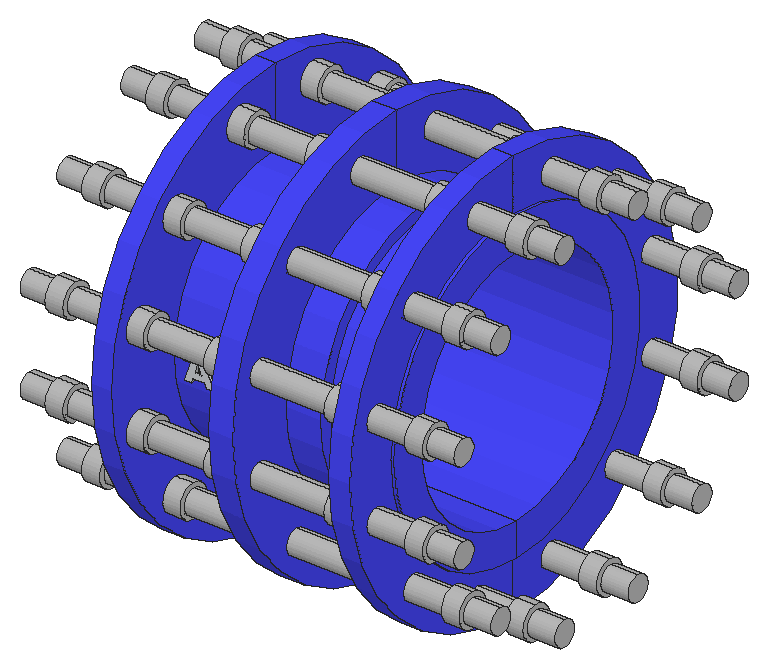
Revit family "265-91-001 DN200_PN16", category Pipe Accessories, Revit 2022
Family settings
  Round Connector Dimension = Use Diameter
  Part Type = Valve - Breaks Into
  Work Plane-Based = No
  Always vertical = Yes
  Cut with Voids When Loaded = No
  Shared = No
Parameters (values of type "DN200_PN16")
  raised_R = D * 0.75  # 127.5 mm
  offset = S11 - S  # 7 mm
  URL_product_pages = "https://www.avkvalves.com/P.aspx?no=265900401014036400"
  T1 = FL_T * 0.75  # 15 mm
  T = FL_T * 0.3  # 6 mm
  Search_table = "265-91-001 DN200_PN16"
  S11 = S * 1.35  # 27 mm
  S = size_lookup(Search_table, "S", 0 mm, DN)  # 20 mm
  Raised_dis = size_lookup(Search_table, "Raised_dis", 0 mm, DN)  # 3 mm
  PN = size_lookup(Search_table, "PN", 0 mm, DN)  # 16 mm
  PCD = size_lookup(Search_table, "PCD", 0 mm, DN) / 2  # 147.5 mm
  Nut_T = FL_T * 0.75  # 15 mm
  L3 = FL_T / 2  # 10 mm
  L2 = L * 0.065  # 23.4 mm
  L11 = size_lookup(Search_table, "L11", 0 mm, DN)  # 220 mm
  L1 = L11 * 0.68  # 149.6 mm
  FL_T/2 = FL_T / 2  # 10 mm
  L = size_lookup(Search_table, "L", 0 mm, DN)  # 360 mm
  FL_T = size_lookup(Search_table, "FL_T", 0 mm, DN)  # 20 mm
  Description_ = "AVK DISMANTLING JOINT WITH CENTRE FLANGE, PN10/16"
  Default Elevation = 0 mm
  DN200_PN16 = "265-9-0200-10-14036400"
  DN = 200 mm
  D = size_lookup(Search_table, "D", 0 mm, DN) / 2  # 170 mm
  Bore = DN / 2  # 100 mm
  Bolt.no = size_lookup(Search_table, "Bolt.no", 0 mm, DN)  # 12 mm
  B1 = L * 0.08  # 28.8 mm
  25 = 25 mm  # constant formula
Reference planes
  plane 1 "Center (Front/Back)": y = 0
  plane 2: z = 0
  plane 3 "Center (Left/Right)": x = 0
  plane 4: z = 170
  plane 5: z = -170
  plane 6: x = -110
  plane 7: x = 110
  plane 8: x = -110
  plane 9: x = 110
  plane 10: z = 100
  plane 11: y = 147.5
  plane 12: y = -147.5
  plane 13: z = 147.5
  plane 14: z = -147.5
  plane 15: x = -180
  plane 16: x = 180
  plane 17: x = 90
  plane 18: x = -156.6
  plane 19: x = 156.6
  plane 20: x = -90
  plane 21: x = -10
  plane 22: x = -141.6
  plane 23: x = -75
  plane 24: x = -25
  plane 25: x = 75
  plane 26: x = 141.6
  plane 27: through (0, 0, 0) normal (0, 0.9659, -0.2588)
  plane 28: through (0, 0, 0) normal (0, 0.9659, 0.2588)
  plane 29: through (0, 0, 0) normal (0, 0.2588, 0.9659)
  plane 30: through (0, 0, 0) normal (0, -0.2588, 0.9659)
  plane 31: through (0, 0, 0) normal (0, 0.7071, 0.7071)
  plane 32: through (0, 0, 0) normal (0, 0.7071, -0.7071)
Forms (mm)
  Revolve 1, solid, material "Laminate, Blue, Matte"
    sketch origin (0, 0, 0) x (1, 0, 0) y (0, 0, 1)
      loop
        line (-110, 127.5) -> (-110, 100) -> (110, 100) -> (110, 127.5) -> (107, 127.5) -> (107, 170) -> (90, 170) -> (90, 106) -> (-90, 106) -> (-90, 170) -> (-107, 170) -> (-107, 127.5) -> (-110, 127.5)
      axis (-110, 0) -> (110, 0)
    angle from 0 to 360
  Revolve 2, solid, material "Laminate, Blue, Matte"
    sketch origin (0, 0, 0) x (1, 0, 0) y (0, 0, 1)
      loop
        line (-10, 170) -> (-10, 106) -> (39.6, 106) -> (39.6, 115) -> (10, 115) -> (10, 170) -> (-10, 170)
      axis (-10, 0) -> (39.6, 0)
    angle from 0 to 360
  Extrusion 3, solid, material "Default Wall"
    sketch origin (-19, -1524, 234.624) x (0, 0, 1) y (0, -1, 0)
      loop
        circle (-130.326, -1419.702) r 13.5
      loop
        circle (-92.15, -1485.824) r 13.5
      loop
        circle (-92.15, -1562.176) r 13.5
      loop
        circle (-130.326, -1628.298) r 13.5
      loop
        circle (-196.448, -1666.474) r 13.5
      loop
        circle (-272.8, -1666.474) r 13.5
      loop
        circle (-338.922, -1628.298) r 13.5
      loop
        circle (-377.098, -1562.176) r 13.5
      loop
        circle (-377.098, -1485.824) r 13.5
      loop
        circle (-338.922, -1419.702) r 13.5
      loop
        circle (-272.8, -1381.526) r 13.5
      loop
        circle (-196.448, -1381.526) r 13.5
    from -71 to -56
  Extrusion 4, solid, material "Default Wall"
    sketch origin (-19, -1524, 234.624) x (0, 0, 1) y (0, -1, 0)
      loop
        circle (-130.326, -1419.702) r 13.5
      loop
        circle (-92.15, -1485.824) r 13.5
      loop
        circle (-92.15, -1562.176) r 13.5
      loop
        circle (-130.326, -1628.298) r 13.5
      loop
        circle (-196.448, -1381.526) r 13.5
      loop
        circle (-272.8, -1381.526) r 13.5
      loop
        circle (-272.8, -1666.474) r 13.5
      loop
        circle (-196.448, -1666.474) r 13.5
      loop
        circle (-338.922, -1419.702) r 13.5
      loop
        circle (-377.098, -1485.824) r 13.5
      loop
        circle (-377.098, -1562.176) r 13.5
      loop
        circle (-338.922, -1628.298) r 13.5
    from -6 to 9
  Extrusion 5, solid, material "Default Wall"
    sketch origin (-19, -1524, 234.624) x (0, 0, 1) y (0, -1, 0)
      loop
        circle (-130.326, -1419.702) r 13.5
      loop
        circle (-92.15, -1485.824) r 13.5
      loop
        circle (-92.15, -1562.176) r 13.5
      loop
        circle (-130.326, -1628.298) r 13.5
      loop
        circle (-196.448, -1666.474) r 13.5
      loop
        circle (-272.8, -1666.474) r 13.5
      loop
        circle (-338.922, -1628.298) r 13.5
      loop
        circle (-377.098, -1562.176) r 13.5
      loop
        circle (-377.098, -1485.824) r 13.5
      loop
        circle (-338.922, -1419.702) r 13.5
      loop
        circle (-272.8, -1381.526) r 13.5
      loop
        circle (-196.448, -1381.526) r 13.5
    from 94 to 109
  Extrusion 6, solid, material "Default Wall"
    sketch origin (-19, -1524, 234.624) x (0, 0, 1) y (0, -1, 0)
      loop
        circle (-130.326, -1628.298) r 13.5
      loop
        circle (-92.15, -1562.176) r 13.5
      loop
        circle (-92.15, -1485.824) r 13.5
      loop
        circle (-130.326, -1419.702) r 13.5
      loop
        circle (-196.448, -1381.526) r 13.5
      loop
        circle (-196.448, -1666.474) r 13.5
      loop
        circle (-338.922, -1628.298) r 13.5
      loop
        circle (-377.098, -1562.176) r 13.5
      loop
        circle (-377.098, -1485.824) r 13.5
      loop
        circle (-338.922, -1419.702) r 13.5
      loop
        circle (-272.8, -1381.526) r 13.5
      loop
        circle (-272.8, -1666.474) r 13.5
    from 160.6 to 175.6
  Extrusion 7, solid, material "Default Wall"
    sketch origin (-19, -1524, 234.624) x (0, 0, 1) y (0, -1, 0)
      loop
        circle (-130.326, -1628.298) r 10
      loop
        circle (-92.15, -1562.176) r 10
      loop
        circle (-196.448, -1666.474) r 10
      loop
        circle (-130.326, -1419.702) r 10
      loop
        circle (-92.15, -1485.824) r 10
      loop
        circle (-196.448, -1381.526) r 10
      loop
        circle (-338.922, -1628.298) r 10
      loop
        circle (-377.098, -1562.176) r 10
      loop
        circle (-272.8, -1666.474) r 10
      loop
        circle (-338.922, -1419.702) r 10
      loop
        circle (-377.098, -1485.824) r 10
      loop
        circle (-272.8, -1381.526) r 10
    from -161 to 199
  Extrusion 8, solid, material "Default Wall"
    sketch origin (0, 0, 0) x (0, 1, 0) y (0, 0, 1)
      loop
        circle (-104.298, 104.298) r 13.5
      loop
        circle (-38.176, 142.474) r 13.5
      loop
        circle (38.176, 142.474) r 13.5
      loop
        circle (104.298, 104.298) r 13.5
      loop
        circle (142.474, 38.176) r 13.5
      loop
        circle (142.474, -38.176) r 13.5
      loop
        circle (104.298, -104.298) r 13.5
      loop
        circle (38.176, -142.474) r 13.5
      loop
        circle (-38.176, -142.474) r 13.5
      loop
        circle (-104.298, -104.298) r 13.5
      loop
        circle (-142.474, -38.176) r 13.5
      loop
        circle (-142.474, 38.176) r 13.5
    from -156.6 to -141.6
Dimensions and locks
  equal spacing: plane 4, level, plane 5
  "D": plane 4 to level
  equal spacing: plane 7, plane 3 "Center (Left/Right)", plane 6
  "L11": plane 7 to plane 6
  equal spacing: plane 9, plane 3 "Center (Left/Right)", plane 8
  "L11": plane 9 to plane 8
  "Bore": plane 10 to level
  equal spacing: Revolve 1 sketch curve, plane 3 "Center (Left/Right)", Revolve 1 sketch curve  (x3)
  "T": Revolve 1 sketch curve to plane 10
  "Raised_dis": Revolve 1 sketch curve to plane 6
  "FL_T": Revolve 1 sketch curve to plane 6
  "T1": Revolve 2 sketch curve to plane 10
  "T": Revolve 2 sketch curve to plane 10
  "L1": Revolve 2 sketch curve to plane 6
  equal spacing: Revolve 2 sketch curve, plane 3 "Center (Left/Right)", Revolve 2 sketch curve
  "FL_T/2": plane 3 "Center (Left/Right)" to Revolve 2 sketch curve
  equal spacing: plane 11, plane 1 "Center (Front/Back)", plane 12
  equal spacing: plane 13, level, plane 14
  "PCD": plane 13 to level
  "PCD": plane 11 to plane 1 "Center (Front/Back)"
  equal spacing: plane 16, plane 3 "Center (Left/Right)", plane 15
  "L": plane 16 to plane 15
  "FL_T": plane 9 to plane 17
  "L2": plane 18 to plane 15
  equal spacing: plane 19, plane 3 "Center (Left/Right)", plane 18
  "FL_T": plane 20 to plane 8
  "FL_T/2": plane 3 "Center (Left/Right)" to plane 21
  "raised_R": Revolve 1 sketch curve to level
  "Nut_T": plane 22 to plane 18
  "Nut_T": plane 23 to plane 20
  "Nut_T": plane 21 to plane 24
  "Nut_T": plane 17 to plane 25
  "Nut_T": plane 19 to plane 26
  equal spacing: Extrusion 7 sketch curve, plane 31, Extrusion 7 sketch curve
  equal spacing: Extrusion 7 sketch curve, plane 29, Extrusion 7 sketch curve
  equal spacing: Extrusion 7 sketch curve, plane 30, Extrusion 7 sketch curve
  equal spacing: Extrusion 7 sketch curve, plane 32, Extrusion 7 sketch curve
  equal spacing: Extrusion 7 sketch curve, plane 27, Extrusion 7 sketch curve
  equal spacing: Extrusion 7 sketch curve, plane 28, Extrusion 7 sketch curve
  "PCD": Extrusion 7 sketch curve to plane 32
  "PCD": plane 27 to Extrusion 7 sketch curve
  "PCD": plane 31 to Extrusion 7 sketch curve
  "PCD": Extrusion 7 sketch curve to plane 28
  "PCD": plane 29 to Extrusion 7 sketch curve
  "PCD": plane 30 to Extrusion 7 sketch curve
  equal spacing: Extrusion 6 sketch curve, plane 31, Extrusion 6 sketch curve
  equal spacing: Extrusion 6 sketch curve, plane 28, Extrusion 6 sketch curve
  "PCD": Extrusion 6 sketch curve to plane 31
  "PCD": plane 28 to Extrusion 6 sketch curve
  equal spacing: Extrusion 6 sketch curve, plane 27, Extrusion 6 sketch curve
  equal spacing: Extrusion 6 sketch curve, plane 32, Extrusion 6 sketch curve
  "PCD": plane 32 to Extrusion 6 sketch curve
  "PCD": Extrusion 6 sketch curve to plane 27
  "PCD": Extrusion 6 sketch curve to plane 30
  equal spacing: Extrusion 6 sketch curve, plane 30, Extrusion 6 sketch curve
  equal spacing: Extrusion 6 sketch curve, plane 29, Extrusion 6 sketch curve
  "PCD": Extrusion 6 sketch curve to plane 29
  plane 4 to plane 5 = 340 mm
  "S": diameter of Extrusion 7 sketch curve  (x12)
  "S11": diameter of Extrusion 6 sketch curve  (x12)
  diameter of Extrusion 8 = 27 mm
  diameter of Extrusion 7 = 20 mm
  aligned and locked: level to plane 2
  aligned and locked: Revolve 1 sketch curve to level
  aligned and locked: Revolve 1 sketch curve to Revolve 1 sketch curve  (x2)
  aligned and locked: plane 10 to Revolve 1 sketch curve
  aligned and locked: plane 6 to Revolve 1 sketch curve
  aligned and locked: Revolve 1 sketch curve to plane 4
  aligned and locked: Revolve 2 sketch curve to plane 4
  aligned and locked: Extrusion 3 to plane 20
  aligned and locked: plane 23 to Extrusion 3
  aligned and locked: Extrusion 4 to plane 24
  aligned and locked: Extrusion 4 to plane 21
  aligned and locked: Extrusion 5 to plane 25
  aligned and locked: plane 17 to Extrusion 5
  aligned and locked: Extrusion 6 to plane 19
  aligned and locked: Extrusion 6 to plane 26
  aligned and locked: Extrusion 7 to plane 15
  aligned and locked: plane 16 to Extrusion 7
  aligned and locked: Extrusion 5 sketch curve to Extrusion 6  (x24)
  aligned and locked: Extrusion 4 sketch curve to Extrusion 6  (x24)
  aligned and locked: Extrusion 3 sketch curve to Extrusion 6  (x23)
  aligned and locked: Extrusion 8 sketch curve to Extrusion 6  (x24)
  aligned and locked: Extrusion 8 to plane 18
  aligned and locked: plane 22 to Extrusion 8
Automatic sketch dimensions
  Revolve 1 sketch curve to plane 6 = 5.606 mm
  Revolve 1 sketch curve to plane 7 = 4.556 mm
  Revolve 2 sketch curve to level = 0 mm
  plane 18 to Revolve 2 sketch curve = 6.103 mm
  Revolve 2 sketch curve to plane 7 = 1.915 mm
  plane 28 to Extrusion 6 sketch curve = 0 mm  (x2)
  plane 27 to Extrusion 6 sketch curve = 0 mm  (x2)
  Extrusion 6 sketch curve to plane 32 = 0 mm  (x2)
  Extrusion 6 sketch curve to plane 31 = 0 mm  (x2)
  plane 30 to Extrusion 6 sketch curve = 0 mm  (x2)
  Extrusion 6 sketch curve to plane 29 = 0 mm  (x2)
  plane 27 to Extrusion 7 sketch curve = 0 mm  (x2)
  plane 28 to Extrusion 7 sketch curve = 0 mm  (x2)
  Extrusion 7 sketch curve to plane 32 = 0 mm  (x2)
  Extrusion 7 sketch curve to plane 31 = 0 mm  (x2)
  Extrusion 7 sketch curve to plane 29 = 0 mm  (x2)
  plane 30 to Extrusion 7 sketch curve = 0 mm  (x2)
Nested families
  nested 1: "logo medium-111" at (-48.948, -105.838, -5.858) x (1, 0, 0) z (0, -0.9985, -0.0553), type "logo medium-111"
Connectors
  piping at (-107, 0, 0), diameter 200, driven by "DN"
    settings: on Revolve 1, index 1, connector inside diameter 609.6 mm, connector length 0 mm, flow factor 0, pipe flow 0.0 L/s, pressure drop 0.0 Pa, fitting loss kfactor 0, connector angle 0.00°, fixture units 0, engagement length 0 mm, angle of deflection 0.00°, flow configuration 0, flow direction 0, fitting loss method 0, system type 7, joint type 0, gender type 0, connector reference index -1, connector utility 0, adjustable connector no, is connector primary yes, connector description ""
  piping at (110, 0, 0), diameter 200, driven by "DN"
    settings: on Revolve 1, index 2, connector inside diameter 609.6 mm, connector length 0 mm, flow factor 0, pipe flow 0.0 L/s, pressure drop 0.0 Pa, fitting loss kfactor 0, connector angle 0.00°, fixture units 0, engagement length 0 mm, angle of deflection 0.00°, flow configuration 0, flow direction 0, fitting loss method 0, system type 7, joint type 0, gender type 0, connector reference index -1, connector utility 0, adjustable connector no, is connector primary no, connector description ""
Definition of nested family "logo medium-111"
  Parameters
    Default Elevation = 1219.2 mm
  Reference planes
    plane 1 "Center (Front/Back)": y = 0
    plane 2: z = 0
    plane 3 "Center (Left/Right)": x = 0
  Forms (mm)
    Extrusion 1, solid
      sketch origin (0, 0, 0) x (1, 0, 0) y (0, 1, 0)
        loop
          line (-1219.2, 1219.2) -> (-1219.2, -1219.2) -> (1219.2, -1219.2) -> (1219.2, 1219.2) -> (-1219.2, 1219.2)
      from 0 to -188.781
    Extrusion 2, solid
      sketch origin (0, 0, 0) x (1, 0, 0) y (0, 1, 0)
        loop
          line (-30.911, 14.607) -> (-12.952, 14.607) -> (-3.438, -8.594) -> (3.26, -8.594) -> (12.676, 14.607) -> (30.732, 14.607) -> (30.732, 20.529) -> (7.968, 20.529) -> (0, 0) -> (-8.195, 20.529) -> (-30.911, 20.529) -> (-30.911, 14.607)
        loop
          line (30.732, 6.453) -> (30.732, 12.569) -> (24.908, 12.569)
          arc (24.908, 12.569) -> (22.993, 7.075) -> (17.724, 4.608) r 7.492
          line (17.724, 4.608) -> (20.928, 12.569) -> (14.521, 12.569) -> (5.881, -8.594) -> (12.434, -8.594) -> (15.777, -0.405) -> (21.354, -8.594) -> (29.424, -8.594) -> (22.319, 0.649)
          arc (22.319, 0.649) -> (26.344, 2.972) -> (29.424, 6.453) r 14.456
          line (29.424, 6.453) -> (30.732, 6.453)
        loop
          line (-5.865, -8.594) -> (-14.796, 12.569) -> (-30.911, 12.569) -> (-30.911, 6.453) -> (-25.086, 6.453) -> (-30.911, -8.594) -> (-25.086, -8.594) -> (-23.728, -5.084) -> (-13.656, -5.084) -> (-12.175, -8.594) -> (-5.865, -8.594)
        loop
          line (-18.776, 7.618) -> (-21.494, 0) -> (-15.961, 0) -> (-18.776, 7.618)
      from 0 to 2
  Dimensions and locks
    aligned and locked: plane 2 to Extrusion 1
    aligned and locked: level to Extrusion 1
    aligned and locked: Extrusion 2 sketch curve to import instance  (x36)
